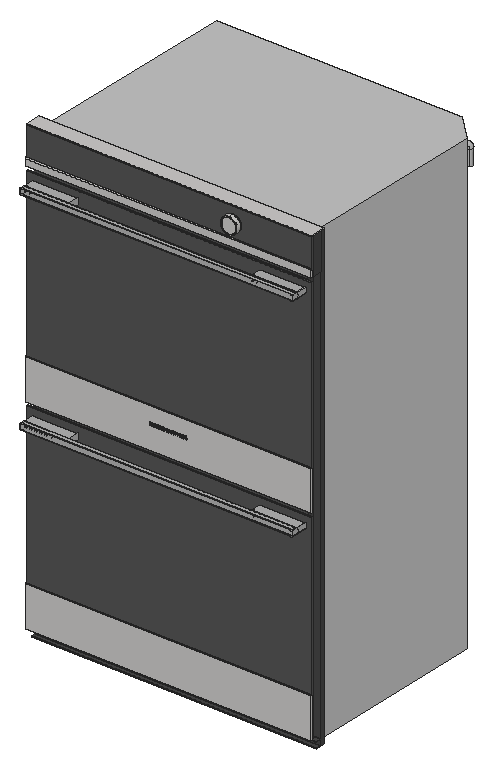
Revit family "FP_Revit_18_OB76DDPTDX1_Oven_90000947A", category Specialty Equipment, Revit 2018
Family settings
  Round Connector Dimension = Use Diameter
  Part Type = Normal
  OmniClass Number = 23.40.40.14.17.11
  OmniClass Title = Cookers, Ovens, Stoves
  Work Plane-Based = No
  Always vertical = Yes
  Cut with Voids When Loaded = Yes
  Shared = No
  Room Calculation Point = No
Parameters
  Visibility - Clearance Required = yes
  URL = "www.fisherpaykel.com"
  Product - Width = 760 mm  # constant formula
  Product - Height = 1232 mm  # constant formula
  Product - Depth = 609 mm  # constant formula
  Model = "OB76DDPTDX1"
  Material - Trim = Fisher & Paykel - Stainless Steel
  Material - Structure = Fisher & Paykel - Black
  Material - Handle = Fisher & Paykel - Aluminium
  Material - Glass = Fisher & Paykel - Glass, Black
  Material - Buttons and Dials = Fisher & Paykel - Stainless Steel
  Material - Body = Fisher & Paykel - Grey
  Manufacturer = "Fisher & Paykel Appliances"
  FFL Offset [instance] = 100 mm
  Description = "76cm Self Cleaning Double Oven"
  Connector Note - Electrical = "230 V, 37 A"
  Chassis - Width = 720 mm  # constant formula
  Chassis - Height = 1218 mm  # constant formula
  Chassis - Depth = 569 mm  # constant formula
  Cavity - Width = 764 mm  # constant formula
  Cavity - Height = 1236 mm  # constant formula
  Cavity - Depth = 575 mm  # constant formula
  Cabinet - Height = 1236 mm  # constant formula
Reference planes
  plane 1 "Center (Front/Back)": y = 0
  plane 2: z = 0
  plane 3 "Center (Left/Right)": x = 0
  plane 4 "Cabinet - Height": z = 1336
  plane 5 "Product - Height": z = 1332
  plane 6 "Product LHS": x = -380
  plane 7 "Product RHS": x = 380
  plane 8 "Product - Depth": y = 569
  plane 9 "Cavity LHS": x = -382
  plane 10 "Cavity RHS": x = 382
  plane 11 "Cavity - Depth": y = 575
  plane 12 "Front Face": y = -40
  plane 13 "FFL Offset": z = 100
  plane 14 "Cavity - Height": z = 1324
Forms (mm)
  Extrusion 1, solid, material "Fisher & Paykel - Grey" <- "Material - Body"
    sketch origin (0, 0, 0) x (1, 0, 0) y (0, 1, 0)
      loop
        line (-359.809, 0) -> (360.191, 0) -> (360.191, 503) -> (294.191, 569) -> (-359.809, 569) -> (-359.809, 0)
    from 100 to 1318
  Extrusion 2, solid, material "Fisher & Paykel - Clearance Required", visible <- "Visibility - Clearance Required", detail levels coarse
    sketch origin (0, 0, 0) x (1, 0, 0) y (0, 1, 0)
      loop
        line (-361.809, 0) -> (362.191, 0) -> (362.191, 575) -> (-361.809, 575) -> (-361.809, 0)
    from 100 to 1324
  Extrusion 3, solid, material "Fisher & Paykel - Black" <- "Material - Structure"
    sketch origin (0, 0, 0) x (0, 1, 0) y (0, 0, 1)
      loop
        line (-11, 1329.1) -> (-11, 117.834) -> (-21.5, 115.02) -> (-21.254, 114.102) -> (-11, 116.85) -> (-11, 101.95) -> (-22, 101.95) -> (-22, 100) -> (0, 100) -> (0, 1329.1) -> (-11, 1329.1)
    from -380 to 380
  Extrusion 4, solid, material "Fisher & Paykel - Black" <- "Material - Structure"
    sketch origin (0, 0, 0) x (0, 1, 0) y (0, 0, 1)
      loop
        line (-36, 1329.1) -> (-36, 1232.1) -> (-11, 1232.1) -> (-11, 1329.1) -> (-36, 1329.1)
    from -380 to 380
  Extrusion 5, solid, material "Fisher & Paykel - Black" <- "Material - Structure"
    sketch origin (0, 0, 0) x (0, 1, 0) y (0, 0, 1)
      loop
        line (-16.2, 127.63) -> (-16.2, 658.03) -> (-36, 658.03) -> (-36, 127.63) -> (-16.2, 127.63)
      loop
        line (-16.2, 669.765) -> (-16.2, 1219.8) -> (-36, 1219.8) -> (-36, 669.765) -> (-16.2, 669.765)
    from -365 to 363.494
  Extrusion 6, solid, material "Fisher & Paykel - Black" <- "Material - Structure"
    sketch origin (0, 0, 0) x (0, 1, 0) y (0, 0, 1)
      loop
        line (-16.2, 658.03) -> (-16.2, 127.63) -> (-11, 127.63) -> (-11, 658.03) -> (-16.2, 658.03)
      loop
        line (-16.2, 1219.8) -> (-16.2, 669.765) -> (-11, 669.765) -> (-11, 1219.8) -> (-16.2, 1219.8)
    from -361 to 361
  Extrusion 7, solid, material "Fisher & Paykel - Glass, Black" <- "Material - Glass"
    sketch origin (0, 0, 0) x (0, 1, 0) y (0, 0, 1)
      loop
        line (-40, 658.03) -> (-40, 127.63) -> (-36, 127.63) -> (-36, 658.03) -> (-40, 658.03)
      loop
        line (-40, 1219.8) -> (-40, 669.765) -> (-36, 669.765) -> (-36, 1219.8) -> (-40, 1219.8)
    from -380 to 380
  Extrusion 8, solid, material "Fisher & Paykel - Glass, Black" <- "Material - Glass"
    sketch origin (0, 0, 0) x (0, 1, 0) y (0, 0, 1)
      loop
        line (-40, 1328.774) -> (-40, 1232.1) -> (-36, 1232.1) -> (-36, 1328.774) -> (-40, 1328.774)
    from -380 to 380
  Extrusion 9, solid, material "Fisher & Paykel - Stainless Steel" <- "Material - Trim", detail levels fine
    sketch origin (0, 0, 0) x (0, 1, 0) y (0, 0, 1)
      loop
        line (-41.95, 1249.631) -> (-41.95, 1232.1) -> (-40, 1232.1) -> (-40, 1251.742) -> (-40.8, 1251.742) -> (-41.95, 1249.631)
    from -380 to 380
  Extrusion 10, solid, material "Fisher & Paykel - Clearance Required", visible <- "Visibility - Clearance Required", detail levels coarse
    sketch origin (0, -2000, 0) x (0, 1, 0) y (0, 0, 1)
      loop
        line (2000, 1336) -> (1960, 1336) -> (1960, 1219.8)
        arc (1960, 1219.8) -> (1571.067, 1058.699) -> (1409.965, 669.765) r 550.035
        line (1409.965, 669.765) -> (1960.036, 669.765) -> (1960.036, 657.363)
        arc (1960.036, 657.363) -> (1586.127, 501.842) -> (1431.338, 127.63) r 529.734
        line (1431.338, 127.63) -> (1961, 127.63) -> (1961, 100) -> (2000, 100) -> (2000, 1336)
    from -382 to 382
  Extrusion 11, solid, material "Fisher & Paykel - Stainless Steel" <- "Material - Trim", detail levels fine
    sketch origin (0, -2000, 0) x (0, 1, 0) y (0, 0, 1)
      loop
        line (1958.3, 233.247) -> (1958.3, 127.63) -> (1960, 127.63) -> (1960, 235.415) -> (1959.2, 235.415) -> (1958.3, 233.247)
      loop
        line (1958.3, 775.382) -> (1958.3, 669.765) -> (1960, 669.765) -> (1960, 777.55) -> (1959.2, 777.55) -> (1958.3, 775.382)
    from -379.809 to 380
  Extrusion 12, solid, material "Fisher & Paykel - Stainless Steel" <- "Material - Trim"
    sketch origin (0, 0, 0) x (0, 1, 0) y (0, 0, 1)
      loop
        line (-40, 1329.1) -> (0, 1329.1) -> (0, 1332) -> (-40, 1332) -> (-40, 1329.1)
    from -380 to 380
  Extrusion 13, void
    sketch origin (0, 0, 0) x (1, 0, 0) y (0, 1, 0)
      loop
        line (-361.809, 575) -> (-361.809, 0) -> (362.191, 0) -> (362.191, 575) -> (-361.809, 575)
    from 100 to 1324
  Extrusion 14, void
    sketch origin (0, 0, 0) x (1, 0, 0) y (0, 1, 0)
      loop
        line (-382, 0) -> (-382, -40) -> (382, -40) -> (382, 0) -> (-382, 0)
    from 100 to 1336
Lines and regions (mm)
  model lines, style "Fisher & Paykel"
    curve 1: line (-53.809, -40, 1322.5) -> (54.191, -40, 1322.5)
    curve 2: line (-53.809, -40, 1257.7) -> (-53.809, -40, 1322.5)
    curve 3: line (54.191, -40, 1257.7) -> (-53.809, -40, 1257.7)
    curve 4: line (54.191, -40, 1322.5) -> (54.191, -40, 1257.7)
Text (mm)
  text "Due to ongoing product development, product details are subject to change without notice. \nPlease always refer to www.fisherpaykel.com for the most current product information. \n© Fisher & Paykel 2020" at (41.04, -678.295, 0), in view "Ref. Level (Plan)"
Dimensions and locks
  equal spacing: plane 6 "Product LHS", plane 3 "Center (Left/Right)", plane 7 "Product RHS"
  "Product - Width": plane 6 "Product LHS" to plane 7 "Product RHS"
  "Chassis - Depth": plane 1 "Center (Front/Back)" to plane 8 "Product - Depth"
  equal spacing: plane 9 "Cavity LHS", plane 3 "Center (Left/Right)", plane 10 "Cavity RHS"
  "Cavity - Depth": plane 11 "Cavity - Depth" to plane 1 "Center (Front/Back)"
  Extrusion 2 to Extrusion 2 = 724 mm
  "Cavity - Width": plane 9 "Cavity LHS" to plane 10 "Cavity RHS"
  "Chassis - Width": Extrusion 1 to Extrusion 1
  plane 12 "Front Face" to plane 1 "Center (Front/Back)" = 40 mm
  "FFL Offset": plane 13 "FFL Offset" to level
  locked: plane 5 "Product - Height" to nested 2 at 102.977
  "Chassis - Height": Extrusion 1 to plane 13 "FFL Offset"
  "Product - Height": plane 5 "Product - Height" to plane 13 "FFL Offset"
  "Cabinet - Height": plane 4 "Cabinet - Height" to plane 13 "FFL Offset"
  plane 14 "Cavity - Height" to plane 13 "FFL Offset" = 1224 mm
  locked: plane 5 "Product - Height" to nested 5 at 129.235
  locked: plane 5 "Product - Height" to nested 1 at 690.935
  locked: nested 3 to plane 5 "Product - Height" at 601.909
  locked: Extrusion 3 sketch curve to plane 13 "FFL Offset" at 1.95
  locked: Extrusion 3 sketch curve to plane 13 "FFL Offset" at 15.02
  locked: Extrusion 3 sketch curve to plane 13 "FFL Offset" at 17.834
  locked: Extrusion 5 to plane 13 "FFL Offset" at 27.63
  locked: Extrusion 5 to plane 13 "FFL Offset" at 569.765
  locked: plane 5 "Product - Height" to nested 4 at 44.623
  aligned and locked: level to plane 2
  aligned and locked: plane 6 "Product LHS" to Extrusion 3
  aligned and locked: Extrusion 3 to plane 7 "Product RHS"
  aligned and locked: plane 9 "Cavity LHS" to Extrusion 10
  aligned and locked: Extrusion 10 to plane 10 "Cavity RHS"
  aligned and locked: plane 5 "Product - Height" to Extrusion 12 sketch curve
  aligned and locked: Extrusion 1 to plane 13 "FFL Offset"
  aligned and locked: Extrusion 2 to Extrusion 1
  aligned and locked: plane 14 "Cavity - Height" to Extrusion 2
  aligned and locked: plane 13 "FFL Offset" to Extrusion 3 sketch curve
  aligned and locked: Extrusion 5 to Extrusion 6  (x2)
  aligned and locked: Extrusion 7 to Extrusion 5  (x2)
  aligned and locked: Extrusion 11 to Extrusion 5  (x2)
  aligned and locked: Extrusion 10 sketch curve to plane 13 "FFL Offset"
  aligned and locked: Extrusion 10 to Extrusion 5  (x2)
  aligned and locked: Extrusion 14 to Extrusion 1
  aligned and locked: plane 4 "Cabinet - Height" to Extrusion 14
  aligned and locked: Extrusion 13 to Extrusion 1
  aligned and locked: Extrusion 13 to Extrusion 2
Automatic sketch dimensions
  plane 1 "Center (Front/Back)" to Extrusion 1 sketch curve = 0 mm
  Extrusion 1 sketch curve to plane 8 "Product - Depth" = 0 mm
  Extrusion 1 sketch curve to plane 6 "Product LHS" = 20.191 mm
  plane 7 "Product RHS" to Extrusion 1 sketch curve = 85.809 mm
  plane 7 "Product RHS" to Extrusion 1 sketch curve = 19.809 mm
  Extrusion 1 sketch curve to plane 8 "Product - Depth" = 66 mm
  plane 1 "Center (Front/Back)" to Extrusion 2 sketch curve = 0 mm
  plane 11 "Cavity - Depth" to Extrusion 2 sketch curve = 0 mm
  Extrusion 2 sketch curve to plane 6 "Product LHS" = 18.191 mm
  plane 7 "Product RHS" to Extrusion 2 sketch curve = 17.809 mm
  plane 1 "Center (Front/Back)" to Extrusion 4 sketch curve = 36 mm
  plane 1 "Center (Front/Back)" to Extrusion 4 sketch curve = 11 mm
  Extrusion 4 sketch curve to plane 5 "Product - Height" = 99.9 mm
  Extrusion 4 sketch curve to plane 5 "Product - Height" = 2.9 mm
  plane 1 "Center (Front/Back)" to Extrusion 13 sketch curve = 0 mm
  Extrusion 13 sketch curve to plane 6 "Product LHS" = 18.191 mm
  plane 7 "Product RHS" to Extrusion 13 sketch curve = 17.809 mm
  plane 11 "Cavity - Depth" to Extrusion 13 sketch curve = 0 mm
  Extrusion 14 sketch curve to plane 9 "Cavity LHS" = 0 mm
  Extrusion 14 sketch curve to plane 10 "Cavity RHS" = 0 mm
  plane 1 "Center (Front/Back)" to Extrusion 14 sketch curve = 0 mm
  plane 1 "Center (Front/Back)" to Extrusion 14 sketch curve = 40 mm
  Extrusion 9 sketch curve to Extrusion 9 sketch curve = 0.8 mm
  Extrusion 9 sketch curve to plane 12 "Front Face" = 1.95 mm
  Extrusion 9 sketch curve to plane 5 "Product - Height" = 99.9 mm
  Extrusion 9 sketch curve to Extrusion 9 sketch curve = 17.531 mm
  Extrusion 9 sketch curve to Extrusion 9 sketch curve = 2.112 mm
  Extrusion 9 sketch curve to plane 12 "Front Face" = 0 mm
  Extrusion 7 sketch curve to plane 12 "Front Face" = 0 mm  (x2)
  plane 12 "Front Face" to Extrusion 7 sketch curve = 4 mm  (x2)
  level to Extrusion 7 sketch curve = 127.63 mm
  Extrusion 7 sketch curve to plane 5 "Product - Height" = 673.97 mm
  Extrusion 7 sketch curve to Extrusion 7 sketch curve = 11.735 mm
  Extrusion 7 sketch curve to plane 4 "Cabinet - Height" = 116.2 mm
  plane 12 "Front Face" to Extrusion 5 sketch curve = 4 mm  (x2)
  plane 1 "Center (Front/Back)" to Extrusion 5 sketch curve = 16.2 mm  (x2)
  level to Extrusion 5 sketch curve = 127.63 mm
  Extrusion 5 sketch curve to plane 5 "Product - Height" = 673.97 mm
  Extrusion 5 sketch curve to Extrusion 5 sketch curve = 11.735 mm
  Extrusion 5 sketch curve to plane 4 "Cabinet - Height" = 116.2 mm
  plane 1 "Center (Front/Back)" to Extrusion 6 sketch curve = 16.2 mm
  Extrusion 6 sketch curve to Extrusion 6 sketch curve = 0 mm
  Extrusion 6 sketch curve to Extrusion 6 sketch curve = 5.2 mm  (x2)
  level to Extrusion 6 sketch curve = 127.63 mm
  Extrusion 6 sketch curve to plane 5 "Product - Height" = 673.97 mm
  Extrusion 6 sketch curve to Extrusion 6 sketch curve = 11.735 mm
  Extrusion 6 sketch curve to plane 4 "Cabinet - Height" = 116.2 mm
  Extrusion 8 sketch curve to plane 12 "Front Face" = 0 mm
  plane 12 "Front Face" to Extrusion 8 sketch curve = 4 mm
  Extrusion 8 sketch curve to plane 4 "Cabinet - Height" = 103.9 mm
  Extrusion 8 sketch curve to Extrusion 8 sketch curve = 96.674 mm
  Extrusion 11 sketch curve to plane 12 "Front Face" = 0 mm  (x2)
  Extrusion 11 sketch curve to Extrusion 11 sketch curve = 0.8 mm  (x2)
  Extrusion 11 sketch curve to plane 12 "Front Face" = 1.7 mm  (x2)
  level to Extrusion 11 sketch curve = 127.63 mm
  Extrusion 11 sketch curve to Extrusion 11 sketch curve = 105.617 mm  (x2)
  Extrusion 11 sketch curve to Extrusion 11 sketch curve = 2.168 mm  (x2)
  Extrusion 11 sketch curve to Extrusion 11 sketch curve = 434.35 mm
  Extrusion 12 sketch curve to plane 12 "Front Face" = 0 mm
  Extrusion 12 sketch curve to plane 1 "Center (Front/Back)" = 0 mm
  Extrusion 12 sketch curve to Extrusion 12 sketch curve = 2.9 mm
  curve 1 to plane 5 "Product - Height" = 9.5 mm
  plane 3 "Center (Left/Right)" to curve 1 = 54.191 mm
  curve 3 to plane 3 "Center (Left/Right)" = 53.809 mm
  curve 4 to curve 1 = 64.8 mm
  Extrusion 3 sketch curve to plane 1 "Center (Front/Back)" = 0 mm
  plane 1 "Center (Front/Back)" to Extrusion 3 sketch curve = 11 mm
  Extrusion 3 sketch curve to Extrusion 3 sketch curve = 0 mm
  Extrusion 3 sketch curve to Extrusion 3 sketch curve = 0.246 mm
  Extrusion 3 sketch curve to Extrusion 3 sketch curve = 11 mm
  Extrusion 3 sketch curve to Extrusion 3 sketch curve = 0.918 mm
  Extrusion 3 sketch curve to plane 5 "Product - Height" = 2.9 mm
  Extrusion 10 sketch curve to plane 12 "Front Face" = 0 mm
  plane 12 "Front Face" to Extrusion 10 sketch curve = 0.036 mm
  Extrusion 10 sketch curve to plane 1 "Center (Front/Back)" = 0 mm
  plane 13 "FFL Offset" to Extrusion 10 sketch curve = 27.63 mm
  Extrusion 10 sketch curve to plane 12 "Front Face" = 528.662 mm
  Extrusion 10 sketch curve to Extrusion 10 sketch curve = 21.373 mm
  plane 12 "Front Face" to Extrusion 10 sketch curve = 1 mm
  Extrusion 10 sketch curve to Extrusion 10 sketch curve = 0.071 mm
  Extrusion 10 sketch curve to Extrusion 10 sketch curve = 542.135 mm
  Extrusion 10 sketch curve to plane 4 "Cabinet - Height" = 0 mm
Nested families
  nested 1: "Handle Contemporary Square OB30" at (0, -40, 633.087), type "Handle Contemporary Square OB30"
  nested 2: "F&P Inlet Power OB30" at (327.191, 536, 1279) x (0.7071, -0.7071, 0) z (0, 0, 1), type "F&P Inlet Power OB30"
  nested 3: "F&P Logo 100mm" at (0, -41.7, 730.2), type "Grey", detail levels fine
  nested 4: "F&P Dial OB" at (170, -40, 1287.377), type "F&P Dial OB"
  nested 5: "Handle Contemporary Square OB30" at (0, -40, 1194.787), type "Handle Contemporary Square OB30"
Connectors
  electrical at (334.648, 543.457, 1229.023), driven by "Connector Note - Electrical"
    settings: on nested 2, index 1, voltage 230 V, apparent load 0 VA, apparent load phase1 0 VA, apparent load phase2 0 VA, apparent load phase3 0 VA, power factor 1, load classification "Other", number of poles 1, system type 30, power factor state 1, is connector primary yes, connector utility no, sub classification motor no, connector description "230 V, 37 A"
Definition of nested family "Handle Contemporary Square OB30"
  Parameters (values of type "Aluminium")
    URL = "www.fisherpaykel.com"
    Material - Handle = none
    Manufacturer = "Fisher & Paykel Appliances"
    Handle - Length = 727 mm
  Types (3): name
    (no name)
    Aluminium
    Aluminium Dark
  Reference planes
    plane 1 "Center (Front/Back)": y = 0
    plane 2: z = 0
    plane 3 "Center (Left/Right)": x = 0
    plane 4 "Product LHS": x = -363.5
    plane 5 "Product RHS": x = 363.5
    plane 6 "LHS Standoff": x = -243.495
    plane 7 "RHS Standoff": x = 243.505
  Forms (mm)
    Extrusion 1, solid, material <- "Material - Handle", detail levels fine
      sketch origin (0, 0, 0) x (0, 1, 0) y (0, 0, 1)
        loop
          arc (-28.701, 7.561) -> (-29.057, 7.868) -> (-29.514, 7.978) r 1
          line (-29.514, 7.978) -> (-40.5, 7.978)
          arc (-40.5, 7.978) -> (-41.561, 7.539) -> (-42, 6.478) r 1.5
          line (-42, 6.478) -> (-42, -6.522)
          arc (-42, -6.522) -> (-41.561, -7.583) -> (-40.5, -8.022) r 1.5
          line (-40.5, -8.022) -> (-29.487, -8.022)
          arc (-29.487, -8.022) -> (-29.029, -7.911) -> (-28.673, -7.602) r 1
          arc (-28.673, -7.602) -> (-26.256, -0.016) -> (-28.701, 7.561) r 13.038
      from -363.5 to 363.5
    Extrusion 2, solid, material <- "Material - Handle", detail levels fine
      sketch origin (0, 0, 0) x (0, 1, 0) y (0, 0, 1)
        loop
          arc (-28.23, 7.062) -> (-26.156, 0.008) -> (-28.198, -7.056) r 13.136
          arc (-28.198, -7.056) -> (-28.21, -7.463) -> (-27.86, -7.67) r 0.4
          line (-27.86, -7.67) -> (0, -7.67) -> (0, 7.678) -> (-27.893, 7.678)
          arc (-27.893, 7.678) -> (-28.244, 7.47) -> (-28.23, 7.062) r 0.4
      from 243.505 to 363.5
    Extrusion 3, solid, material <- "Material - Handle", detail levels fine
      sketch origin (0, 0, 0) x (0, 1, 0) y (0, 0, -1)
        loop
          arc (-28.23, -7.062) -> (-28.244, -7.47) -> (-27.893, -7.678) r 0.4
          line (-27.893, -7.678) -> (0, -7.678) -> (0, 7.67) -> (-27.86, 7.67)
          arc (-27.86, 7.67) -> (-28.21, 7.463) -> (-28.198, 7.056) r 0.4
          arc (-28.198, 7.056) -> (-26.156, -0.008) -> (-28.23, -7.062) r 13.136
      from 243.495 to 363.5
    Sweep 4, void
      path in 3D
        loop
          line (363.5, -29.514, 7.978) -> (363.5, -40.5, 7.978)
          arc (363.5, -40.5, 7.978) -> (363.5, -41.561, 7.539) -> (363.5, -42, 6.478) r 1.5
          line (363.5, -42, 6.478) -> (363.5, -42, -6.522)
          arc (363.5, -42, -6.522) -> (363.5, -41.561, -7.583) -> (363.5, -40.5, -8.022) r 1.5
          line (363.5, -40.5, -8.022) -> (363.5, -29.487, -8.022)
      profile origin (363.5, -35.007, 7.978) x (1, 0, 0) y (0, 0, 1)
        loop
          line (0, 0) -> (-1.3, 0) -> (0, -1.3) -> (0, 0)
    Sweep 5, void
      path in 3D
        loop
          line (-363.5, -29.487, -8.022) -> (-363.5, -40.5, -8.022)
          arc (-363.5, -40.5, -8.022) -> (-363.5, -41.561, -7.583) -> (-363.5, -42, -6.522) r 1.5
          line (-363.5, -42, -6.522) -> (-363.5, -42, 6.478)
          arc (-363.5, -42, 6.478) -> (-363.5, -41.561, 7.539) -> (-363.5, -40.5, 7.978) r 1.5
          line (-363.5, -40.5, 7.978) -> (-363.5, -29.514, 7.978)
      profile origin (-363.5, -35.007, 7.978) x (-1, 0, 0) y (0, 0, 1)
        loop
          line (0, 0) -> (-1.3, 0) -> (0, -1.3) -> (0, 0)
    Extrusion 6, void
      sketch origin (0, 0, 0) x (1, 0, 0) y (0, 0, 1)
        loop
          line (363.5, 7.978) -> (362.2, 7.978) -> (363.5, 6.678) -> (363.5, 7.978)
        loop
          line (363.5, -8.022) -> (363.5, -6.722) -> (362.2, -8.022) -> (363.5, -8.022)
      from 0 to 40
    Extrusion 7, void
      sketch origin (0, 0, 0) x (1, 0, 0) y (0, 0, 1)
        loop
          line (-363.5, 7.978) -> (-363.5, 6.678) -> (-362.2, 7.978) -> (-363.5, 7.978)
        loop
          line (-363.5, -8.022) -> (-362.2, -8.022) -> (-363.5, -6.722) -> (-363.5, -8.022)
      from 0 to 40
    Extrusion 8, solid, material <- "Material - Handle", detail levels coarse+medium
      sketch origin (0, 0, 0) x (1, 0, 0) y (0, 1, 0)
        loop
          line (-363.5, -42) -> (363.5, -42) -> (363.5, 0) -> (243.505, 0) -> (243.505, -26.156) -> (-243.495, -26.156) -> (-243.495, 0) -> (-363.5, 0) -> (-363.5, -42)
      from -8.022 to 7.978
  Cuts and joins
    Sweep 4, Sweep 5, Extrusion 6, Extrusion 7 cuts Extrusion 1
    Extrusion 6 cuts Extrusion 2
    Extrusion 7 cuts Extrusion 3
  Lines and regions (mm)
    sketch lines
      curve 1: line (363.5, -29.514, 7.978) -> (363.5, -40.5, 7.978)
      curve 2: arc (363.5, -42, 6.478) -> (363.5, -41.561, 7.539) -> (363.5, -40.5, 7.978) r 1.5
      curve 3: line (363.5, -42, 6.478) -> (363.5, -42, -6.522)
      curve 4: arc (363.5, -40.5, -8.022) -> (363.5, -41.561, -7.583) -> (363.5, -42, -6.522) r 1.5
      curve 5: line (363.5, -40.5, -8.022) -> (363.5, -29.487, -8.022)
      curve 6: line (-363.5, -40.5, 7.978) -> (-363.5, -29.514, 7.978)
      curve 7: arc (-363.5, -40.5, 7.978) -> (-363.5, -41.561, 7.539) -> (-363.5, -42, 6.478) r 1.5
      curve 8: line (-363.5, -42, -6.522) -> (-363.5, -42, 6.478)
      curve 9: arc (-363.5, -42, -6.522) -> (-363.5, -41.561, -7.583) -> (-363.5, -40.5, -8.022) r 1.5
      curve 10: line (-363.5, -29.487, -8.022) -> (-363.5, -40.5, -8.022)
  Dimensions and locks
    equal spacing: plane 4 "Product LHS", plane 3 "Center (Left/Right)", plane 5 "Product RHS"
    "Handle - Length": plane 4 "Product LHS" to plane 5 "Product RHS"
    locked: plane 4 "Product LHS" to plane 6 "LHS Standoff" at 120.005
    locked: plane 7 "RHS Standoff" to plane 5 "Product RHS" at 119.995
    aligned and locked: level to plane 2
    aligned and locked: Extrusion 1 to plane 5 "Product RHS"
    aligned and locked: plane 4 "Product LHS" to Extrusion 1
    aligned and locked: Extrusion 2 to plane 5 "Product RHS"
    aligned and locked: plane 4 "Product LHS" to Extrusion 3
    aligned and locked: plane 4 "Product LHS" to Extrusion 8 sketch curve
    aligned and locked: Extrusion 8 sketch curve to plane 5 "Product RHS"
    aligned and locked: Extrusion 8 sketch curve to plane 7 "RHS Standoff"
    aligned and locked: plane 6 "LHS Standoff" to Extrusion 8 sketch curve
    aligned and locked: Extrusion 2 to plane 7 "RHS Standoff"
    aligned and locked: plane 6 "LHS Standoff" to Extrusion 3
  Automatic sketch dimensions
    Extrusion 1 sketch curve to level = 6.522 mm
    plane 1 "Center (Front/Back)" to Extrusion 1 sketch curve = 42 mm
    Extrusion 1 sketch curve to Extrusion 1 sketch curve = 1.5 mm  (x2)
    Extrusion 1 sketch curve to level = 0.04 mm
    Extrusion 1 sketch curve to Extrusion 1 sketch curve = 1.206 mm
    level to Extrusion 1 sketch curve = 6.978 mm
    Extrusion 1 sketch curve to Extrusion 1 sketch curve = 10.986 mm
    Extrusion 1 sketch curve to Extrusion 1 sketch curve = 11.013 mm
    Extrusion 1 sketch curve to Extrusion 1 sketch curve = 1 mm
    level to Extrusion 1 sketch curve = 6.478 mm
    Extrusion 1 sketch curve to Extrusion 1 sketch curve = 0 mm
    Extrusion 2 sketch curve to plane 1 "Center (Front/Back)" = 0 mm
    Extrusion 2 sketch curve to level = 7.67 mm
    Extrusion 2 sketch curve to Extrusion 2 sketch curve = 27.86 mm
    level to Extrusion 2 sketch curve = 7.678 mm
    Extrusion 2 sketch curve to Extrusion 2 sketch curve = 0.033 mm
    Extrusion 2 sketch curve to level = 0.022 mm
    Extrusion 2 sketch curve to Extrusion 2 sketch curve = 11.398 mm
    Extrusion 2 sketch curve to Extrusion 2 sketch curve = 0.4 mm  (x2)
    Extrusion 2 sketch curve to Extrusion 2 sketch curve = 0 mm
    Extrusion 3 sketch curve to plane 1 "Center (Front/Back)" = 0 mm
    Extrusion 3 sketch curve to level = 7.67 mm
    Extrusion 3 sketch curve to Extrusion 3 sketch curve = 27.86 mm
    level to Extrusion 3 sketch curve = 7.678 mm
    Extrusion 3 sketch curve to Extrusion 3 sketch curve = 0.033 mm
    Extrusion 3 sketch curve to level = 0.022 mm
    Extrusion 3 sketch curve to Extrusion 3 sketch curve = 11.398 mm
    Extrusion 3 sketch curve to Extrusion 3 sketch curve = 0.4 mm  (x2)
    Extrusion 3 sketch curve to Extrusion 3 sketch curve = 0 mm
    profile plane to Sweep 4 sketch curve = 0 mm
    Sweep 4 sketch curve to profile plane = 0 mm
    Sweep 4 sketch curve to profile plane = 1.3 mm
    profile plane to Sweep 4 sketch curve = 1.3 mm
    Sweep 5 sketch curve to profile plane = 0 mm  (x2)
    profile plane to Sweep 5 sketch curve = 1.3 mm
    Sweep 5 sketch curve to profile plane = 1.3 mm
    plane 5 "Product RHS" to Extrusion 6 sketch curve = 0 mm  (x2)
    Extrusion 6 sketch curve to Extrusion 6 sketch curve = 1.3 mm  (x4)
    Extrusion 6 sketch curve to level = 6.722 mm
    level to Extrusion 6 sketch curve = 6.678 mm
    plane 4 "Product LHS" to Extrusion 7 sketch curve = 0 mm  (x2)
    Extrusion 7 sketch curve to plane 4 "Product LHS" = 1.3 mm  (x2)
    Extrusion 7 sketch curve to level = 8.022 mm
    level to Extrusion 7 sketch curve = 6.678 mm
    Extrusion 7 sketch curve to Extrusion 7 sketch curve = 1.3 mm  (x2)
    plane 1 "Center (Front/Back)" to Extrusion 8 sketch curve = 0 mm  (x2)
    Extrusion 8 sketch curve to Extrusion 8 sketch curve = 26.156 mm
    Extrusion 8 sketch curve to Extrusion 8 sketch curve = 42 mm
Definition of nested family "F&P Inlet Power OB30"
  Parameters (values of type "F&P Inlet Power OB30")
    URL = "www.fisherpaykel.com"
    Material - Body = none
    Manufacturer = "Fisher & Paykel Appliances"
  Reference planes
    plane 1 "Center (Front/Back)": y = 0
    plane 2: z = 0
    plane 3 "Center (Left/Right)": x = 0
  Forms (mm)
    Extrusion 1, solid, material <- "Material - Body"
      sketch origin (0, 0, 0) x (1, 0, 0) y (0, 0, 1)
        loop
          circle (0, 0) r 14.523
        loop
          circle (0, 0) r 7.273
      from -3.02 to 0
    Sweep 2, solid, material <- "Material - Body"
      path origin (0, 0, 0) x (0, 1, 0) y (0, 0, 1)
        loop
          line (0, 0) -> (2.546, 0)
          arc (2.546, 0) -> (8.203, -2.343) -> (10.546, -8) r 8
          line (10.546, -8) -> (10.546, -49.977)
      profile origin (0, 1.273, 0) x (0, 0, 1) y (1, 0, 0)
        loop
          circle (0, 0) r 7.273
  Dimensions and locks
    aligned and locked: level to plane 2
Definition of nested family "F&P Logo 100mm"
  Parameters (values of type "Chrome")
    URL = "www.fisherpaykel.com"
    Material - Logo = none
    Manufacturer = "Fisher & Paykel Appliances"
  Types (3): name
    (no name)
    Chrome
    Grey
  Reference planes
    plane 1 "Center (Front/Back)": y = 0
    plane 2: z = 0
    plane 3 "Center (Left/Right)": x = 0
  Forms (mm)
    Extrusion 1, solid, material <- "Material - Logo", detail levels fine
      sketch origin (0, 0, 0) x (1, 0, 0) y (0, 0, 1)
        loop
          line (-50.044, 0) -> (-48.47, 0) -> (-48.47, 2.138) -> (-46.011, 2.138) -> (-46.011, 3.472) -> (-48.47, 3.472) -> (-48.47, 4.712) -> (-45.795, 4.712) -> (-45.795, 6.04) -> (-50.044, 6.04) -> (-50.044, 0)
        loop
          line (-42.804, 6.04) -> (-42.804, 0) -> (-41.23, 0) -> (-41.23, 6.04) -> (-42.804, 6.04)
        loop
          line (-30.724, 6.04) -> (-30.724, 0) -> (-29.151, 0) -> (-29.151, 2.42) -> (-26.839, 2.42) -> (-26.839, 0) -> (-25.265, 0) -> (-25.265, 6.04) -> (-26.839, 6.04) -> (-26.839, 3.748) -> (-29.151, 3.748) -> (-29.151, 6.04) -> (-30.724, 6.04)
        loop
          line (-21.906, 6.04) -> (-21.906, 0) -> (-17.602, 0) -> (-17.602, 1.328) -> (-20.347, 1.328) -> (-20.347, 2.42) -> (-17.838, 2.42) -> (-17.838, 3.748) -> (-20.347, 3.748) -> (-20.347, 4.712) -> (-17.602, 4.712) -> (-17.602, 6.04) -> (-21.906, 6.04)
        loop
          line (45.667, 6.04) -> (45.667, 0) -> (49.956, 0) -> (49.956, 1.328) -> (47.241, 1.328) -> (47.241, 6.04) -> (45.667, 6.04)
        loop
          line (42.431, 6.04) -> (38.112, 6.04) -> (38.112, 0) -> (42.431, 0) -> (42.431, 1.328) -> (39.687, 1.328) -> (39.687, 2.42) -> (42.195, 2.42) -> (42.195, 3.748) -> (39.687, 3.748) -> (39.687, 4.712) -> (42.431, 4.712) -> (42.431, 6.04)
        loop
          line (33.451, 3.148) -> (35.683, 6.04) -> (33.844, 6.04) -> (31.915, 3.542) -> (31.915, 6.04) -> (30.342, 6.04) -> (30.342, 0) -> (31.915, 0) -> (31.915, 2.705) -> (33.903, 0) -> (35.763, 0) -> (33.451, 3.148)
        loop
          line (21.98, 6.04) -> (24.262, 2.42) -> (24.262, 0) -> (25.837, 0) -> (25.837, 2.341) -> (28.119, 6.04) -> (26.446, 6.04) -> (25.099, 3.707) -> (23.753, 6.04) -> (21.98, 6.04)
        loop
          line (18.479, 6.04) -> (16.983, 6.04) -> (14.524, 0) -> (16.069, 0) -> (16.501, 1.112) -> (18.921, 1.112) -> (19.354, 0) -> (20.938, 0) -> (18.479, 6.04)
        loop
          line (18.4, 2.439) -> (17.693, 4.174) -> (17.018, 2.439) -> (18.4, 2.439)
        loop
          line (8.031, 6.04) -> (8.031, 0) -> (9.605, 0) -> (9.605, 1.938) -> (10.599, 1.938)
          arc (10.599, 1.938) -> (12.65, 3.989) -> (10.599, 6.04) r 2.051
          line (10.599, 6.04) -> (8.031, 6.04)
        loop
          line (9.605, 4.712) -> (9.605, 3.197) -> (10.501, 3.197)
          arc (10.501, 3.197) -> (11.259, 3.954) -> (10.501, 4.712) r 0.757
          line (10.501, 4.712) -> (9.605, 4.712)
        loop
          line (-11.783, 6.04) -> (-14.366, 6.04) -> (-14.366, 0) -> (-12.792, 0) -> (-12.792, 1.336) -> (-11.992, 1.336) -> (-10.972, 0) -> (-9.153, 0) -> (-10.694, 1.973)
          arc (-10.694, 1.973) -> (-9.678, 4.424) -> (-11.783, 6.04) r 2.179
        loop
          line (-11.897, 4.712) -> (-12.792, 4.712) -> (-12.792, 3.053) -> (-11.897, 3.053)
          arc (-11.897, 3.053) -> (-11.068, 3.882) -> (-11.897, 4.712) r 0.83
        loop
          line (0.477, 4.712) -> (0.477, 6.153) -> (-3.575, 6.153) -> (-3.575, 4.851) -> (-2.974, 4.112)
          arc (-2.974, 4.112) -> (-3.51, 0.684) -> (-0.045, 0.512) r 2.334
          line (-0.045, 0.512) -> (0.46, -0.109) -> (2.246, -0.109) -> (0.86, 1.594) -> (2.061, 3.324) -> (0.443, 3.324) -> (-0.013, 2.667) -> (-1.677, 4.712) -> (0.477, 4.712)
        loop
          arc (-2.125, 3.068) -> (-2.269, 1.668) -> (-0.868, 1.524) r 0.996
          line (-0.868, 1.524) -> (-2.125, 3.068)
        loop
          line (-35.18, 3.634) -> (-36.516, 3.91)
          arc (-36.516, 3.91) -> (-37.049, 4.443) -> (-36.516, 4.976) r 0.533
          arc (-36.516, 4.976) -> (-35.235, 4.79) -> (-34.059, 4.248) r 4.505
          line (-34.059, 4.248) -> (-34.059, 5.743)
          arc (-34.059, 5.743) -> (-35.549, 6.179) -> (-37.1, 6.109) r 4.726
          arc (-37.1, 6.109) -> (-38.536, 4.335) -> (-37.1, 2.561) r 1.814
          line (-37.1, 2.561) -> (-35.754, 2.282)
          arc (-35.754, 2.282) -> (-35.221, 1.749) -> (-35.754, 1.216) r 0.533
          arc (-35.754, 1.216) -> (-37.035, 1.402) -> (-38.211, 1.945) r 4.505
          line (-38.211, 1.945) -> (-38.211, 0.449)
          arc (-38.211, 0.449) -> (-36.72, 0.013) -> (-35.169, 0.083) r 4.726
          arc (-35.169, 0.083) -> (-33.734, 1.863) -> (-35.18, 3.634) r 1.814
      from 0 to 0.8
  Dimensions and locks
    aligned and locked: level to plane 2
Definition of nested family "F&P Dial OB"
  Parameters (values of type "F&P Dial OB Black")
    URL = "www.fisherpaykel.com"
    Material - Buttons and Dials = none
    Material - Bezel = none
    Manufacturer = "Fisher & Paykel Appliances"
  Types (2): name
    F&P Dial OB
    F&P Dial OB Black
  Reference planes
    plane 1 "Center (Front/Back)": y = 0
    plane 2: z = 0
    plane 3 "Center (Left/Right)": x = 0
  Forms (mm)
    Revolve 1, solid, material <- "Material - Buttons and Dials", detail levels fine
      sketch origin (0, 0, 0) x (0, 1, 0) y (0, 0, 1)
        loop
          line (0, 22) -> (-0.843, 22) -> (-0.843, 16.038) -> (-2.39, 16.038) -> (-2.39, 22) -> (-13.7, 22) -> (-13.7, 21.2) -> (-13.191, 20) -> (-8.9, 20) -> (-8.9, 0) -> (0, 0) -> (0, 22)
        axis (0, 0) -> (-13.7, 0)
      angle from 0 to 360
    Extrusion 2, solid, material <- "Material - Buttons and Dials", detail levels fine
      sketch origin (0, 0, 0) x (1, 0, 0) y (0, 0, 1)
        loop
          circle (0, 0) r 19.45
      from 8.9 to 13.191
    Extrusion 3, solid, material <- "Material - Buttons and Dials", detail levels coarse+medium
      sketch origin (0, 0, 0) x (1, 0, 0) y (0, 0, 1)
        loop
          circle (0, 0) r 22
      from 0 to 13.7
    Extrusion 4, solid, material <- "Material - Bezel", detail levels fine
      sketch origin (0, 0, 0) x (1, 0, 0) y (0, 0, 1)
        loop
          circle (0, 0) r 19.45
        loop
          circle (0, 0) r 20
      from 2.39 to 13.191
  Dimensions and locks
    aligned and locked: level to plane 2
